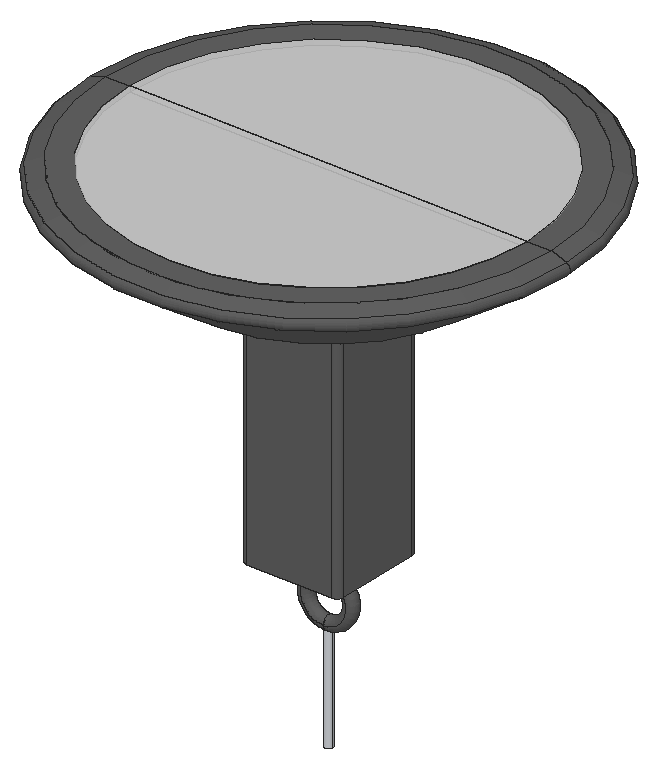
Revit family "0043898", category Lighting Fixtures, host Face, Revit 2016
Family settings
  Host = Face
  Part Type = Normal
  Round Connector Dimension = Use Diameter
  OmniClass Number = 23.80.70.00
  OmniClass Title = Lighting
  Cut with Voids When Loaded = No
  Light Source = Yes
  Shared = No
  Room Calculation Point = No
Parameters (values of type "0043898 ST Hghby HE IP66 1-10V 30000lm 840 MB")
  Weight = "kg"
  Wattage Comments = ""
  Wattage = 195 W
  WarrantyStartDate [instance] = "n/a"
  WarrantyGuarantorParts = "n/a"
  WarrantyDurationUnit = "n/a"
  WarrantyDurationParts = "n/a"
  WarrantyDescription = "n/a"
  built-in parameter 1150110 = 1 (stored number, unit not read)
  Voltage = 230 V
  URL = "http://www.sylvania-lighting.com"
  TypeName = "START  Highbay HE IP66 1-10V 30000lm 840 MB"
  Type Image = <None>
  Type Comments = "n/a"
  built-in parameter 1114217 = 1 (stored number, unit not read)
  Tilt Angle = -90.00°
  built-in parameter 1150109 = 1 (stored number, unit not read)
  built-in parameter 1150134 = 12
  SuspensionHeight_SYL [instance] = 100 mm
  built-in parameter 1150113 = 1 (stored number, unit not read)
  SerialNumber [instance] = "n/a"
  Photometric Web File = "0043898.ies"
  Material_3_SYL = none
  PowerFactor = 0.95
  PowerConsumption = "195 W"
  NominalLength = 365 mm
  NominalHeight = 360 mm
  NominalDepth = 365 mm
  Name = "START  Highbay HE IP66 1-10V 30000lm 840 MB"
  ModelReference = Name  # "START  Highbay HE IP66 1-10V 30000lm 840 MB"
  ModelNumber = "0043898"
  Model = Name  # "START  Highbay HE IP66 1-10V 30000lm 840 MB"
  Material = "adc12 housing"
  ManufacturerName = "Feilo Sylvania"
  Manufacturer = "Feilo Sylvania"
  LuminousEfficacy = "155 lm/W"
  built-in parameter 1150105 = 34183.6 (stored number, unit not read)
  Lumens = 30225 lm
  LuminaireType = ""
  built-in parameter 1150115 = 1 (stored number, unit not read)
  LightOutputRatio = "n/a"
  built-in parameter 1150137 = (empty or 0)
  built-in parameter 1150139 = (empty or 0)
  LampsType = Lamp  # "LED"
  LampNominalLuminous = "30200 lm"
  LampMacAdamStep = "n/a"
  LampColourTemperature = "4000 K"
  LampColourRenderingIndex = "80"
  built-in parameter 1150112 = 1 (stored number, unit not read)
  built-in parameter 1150114 = 1 (stored number, unit not read)
  Lamp = "LED"
  Keynote = "16500"
  InstallationDate [instance] = "n/a"
  InputVoltage = "n/a"
  InputNominalFrequency = "n/a"
  built-in parameter 1150132 = (empty or 0)
  built-in parameter 1150102 = (empty or 0)
  built-in parameter 1150107 = 4000 (stored number, unit not read)
  built-in parameter 1150138 = (empty or 0)
  IngressProtection = "n/a"
  ImpactProtectionIndex = "n/a"
  built-in parameter 1150106 = 341.84 (stored number, unit not read)
  IfcExportType = "IfcLightFixtureType"
  IfcExportAs = "IfcLightFixtureType"
  Emit from Circle Diameter = 298 mm
  Emit Shape Visible in Rendering = no
  ElectricShockClassification = "Class I"
  built-in parameter 1150104 = 14.4 (stored number, unit not read)
  DocumentationLiterature = "http://www.sylvania-lighting.com/product/en-int/products/0043898"
  DimmingControlOptions = "n/a"
  Material_2_SYL = Lens-Sylvania-START+Highbay
  Dimming Lamp Color Temperature Shift = <None>
  Description = ""
  Default Elevation = 1219.2 mm
  CreatedOn = "3/4/2019"
  CreatedBy = "@sylvania-lighting.com"
  Cost = 0
  Color Filter = 16777215
  built-in parameter 1114216 [instance] = (empty or 0)
  ClassificationValue = "EF_70_80"
  ClassificationName = "Uniclass2015"
  Material_1_SYL = Body-Sylvania-START+Highbay
  BarCode [instance] = "n/a"
  built-in parameter 1114218 = 1 (stored number, unit not read)
  built-in parameter 1150133 = 10 (stored number, unit not read)
  AssetType = "Fixed"
  AssetIdentifier [instance] = "n/a"
  Assembly Code = "D5020200"
  Apparent Load = 195 VA
  Material_4_SYL = none
Reference planes
  plane 1 "Center (Front/Back)": y = 0
  plane 2: z = 0
  plane 3 "Center (Left/Right)": x = 0
  plane 4: x = 182.5
  plane 5: x = -182.5
  plane 6: z = 100
  plane 7: z = 391
  plane 8: x = -167
  plane 9: z = 387
  plane 10: z = 378.6
  plane 11: z = 325.3
  plane 12: x = -178.7
  plane 13: x = 102
  plane 14: x = -102
  plane 15: x = 204
  plane 16: z = 126.8
  plane 17: x = -36.8
  plane 18: x = 36.8
  plane 19: y = 36.8
  plane 20: y = -36.8
  plane 21: x = -9
  plane 22: x = 9
  plane 23: z = 117.8
  plane 24: z = 112
  plane 25: z = 117
  plane 26: x = -149
  plane 27: x = -3
  plane 28: z = 84
Forms (mm)
  Revolve 1, solid, material "Body-Sylvania-START+Highbay" <- "Material_1_SYL"
    sketch origin (0, 0, 0) x (1, 0, 0) y (0, 0, 1)
      loop
        line (-149, 391) -> (-167, 391) -> (-178.7, 387)
        arc (-178.7, 387) -> (-180.896, 382.8) -> (-178.7, 378.6) r 5.115
        line (-178.7, 378.6) -> (-117.439, 336.029)
        arc (-117.439, 336.029) -> (-101.14, 328.045) -> (-83.199, 325.3) r 60
        line (-83.199, 325.3) -> (0, 325.3) -> (0, 387) -> (-149, 387) -> (-149, 391)
      axis (0, 391) -> (0, 325.3)
    angle from 360 to 0
  Extrusion 2, solid, material "Body-Sylvania-START+Highbay" <- "Material_1_SYL"
    sketch origin (1223.4, -4572, 325.3) x (0, -1, 0) y (-1, 0, 0)
      loop
        line (-4608.8, 1255.2) -> (-4608.8, 1191.6)
        arc (-4608.8, 1191.6) -> (-4607.336, 1188.064) -> (-4603.8, 1186.6) r 5
        line (-4603.8, 1186.6) -> (-4540.2, 1186.6)
        arc (-4540.2, 1186.6) -> (-4536.664, 1188.064) -> (-4535.2, 1191.6) r 5
        line (-4535.2, 1191.6) -> (-4535.2, 1255.2)
        arc (-4535.2, 1255.2) -> (-4536.664, 1258.736) -> (-4540.2, 1260.2) r 5
        line (-4540.2, 1260.2) -> (-4603.8, 1260.2)
        arc (-4603.8, 1260.2) -> (-4607.336, 1258.736) -> (-4608.8, 1255.2) r 5
    from 0 to 198.5
  Revolve 3, solid, material "Body-Sylvania-START+Highbay" <- "Material_1_SYL"
    sketch origin (0, 0, 0) x (1, 0, 0) y (0, 0, 1)
      loop
        line (0, 126.8) -> (-9, 126.8) -> (-9, 117.8) -> (0, 117.8) -> (0, 126.8)
      axis (0, 126.8) -> (0, 117.8)
    angle from 360 to 0
  Revolve 4, solid, material "Body-Sylvania-START+Highbay" <- "Material_1_SYL"
    sketch origin (0, 0, 0) x (0, 1, 0) y (0, 0, 1)
      loop
        circle (0, 117) r 5
      axis (5, 100) -> (-5, 100)
    angle from 360 to 0
  Revolve 5, solid, material "Lens-Sylvania-START+Highbay" <- "Material_2_SYL"
    sketch origin (0, 0, 0) x (1, 0, 0) y (0, 0, 1)
      loop
        line (-149, 391) -> (-149, 387) -> (0, 387) -> (0, 391) -> (-149, 391)
      axis (0, 391) -> (0, 387)
    angle from 360 to 0
  Revolve 6, solid
    sketch origin (0, 0, 0) x (1, 0, 0) y (0, 0, 1)
      loop
        line (0, 84) -> (-3, 84) -> (-3, 0) -> (0, 0) -> (0, 84)
      axis (0, 84) -> (0, 0)
    angle from 360 to 0
Cuts and joins
  joined: Revolve 3, Revolve 4
Lines and regions (mm)
  reference lines
    curve 1: circle (0, 0, 100) r 12 normal (0, -1, 0)
    curve 2: line (-167, 0, 391) -> (-178.7, 0, 387)
    curve 3: line (-102, 0, 325.3) -> (-178.7, 0, 378.6)
    curve 4: arc (-178.7, 0, 387) -> (-180.896, 0, 382.8) -> (-178.7, 0, 378.6) r 5.115
    curve 5: circle (0, 0, 117) r 5 normal (1, 0, 0)
Dimensions and locks
  "SuspensionHeight_SYL": plane 6 to host face
  locked: plane 7 to plane 6 at 291
  locked: plane 3 "Center (Left/Right)" to plane 8 at 167
  locked: plane 3 "Center (Left/Right)" to plane 5 at 182.5
  locked: plane 3 "Center (Left/Right)" to plane 12 at 178.7
  locked: plane 3 "Center (Left/Right)" to plane 14 at 102
  plane 7 to plane 9 to plane 10 to plane 11 to plane 16 = 4 mm locked, 8.4 mm locked, 53.3 mm locked, 198.5 mm locked
  equal spacing: plane 18, plane 3 "Center (Left/Right)", plane 17
  locked: plane 18 to plane 17 at 73.6
  equal spacing: plane 20, plane 1 "Center (Front/Back)", plane 19
  locked: plane 20 to plane 19 at 73.6
  equal spacing: plane 22, plane 3 "Center (Left/Right)", plane 21
  locked: plane 16 to plane 23 at 9
  locked: plane 6 to plane 24 at 12
  locked: plane 24 to plane 25 at 5
  locked: plane 3 "Center (Left/Right)" to plane 21 at 9
  locked: plane 3 "Center (Left/Right)" to plane 27 at 3
  locked: plane 6 to plane 28 at 16
  aligned and locked: plane 2 to host face
  aligned and locked: level to host face
  aligned and locked: Revolve 1 sketch curve to plane 3 "Center (Left/Right)"
  aligned and locked: Revolve 1 sketch curve to plane 7
  aligned and locked: plane 8 to Revolve 1 sketch curve
  aligned and locked: Revolve 1 sketch curve to curve 2
  aligned and locked: Revolve 1 sketch curve to curve 4
  aligned and locked: Revolve 1 sketch curve to curve 3
  aligned and locked: plane 11 to Revolve 1 sketch curve
  aligned and locked: plane 3 "Center (Left/Right)" to Revolve 1 sketch curve
  aligned and locked: Extrusion 2 sketch curve to plane 19
  aligned and locked: Extrusion 2 sketch curve to plane 17
  aligned and locked: plane 20 to Extrusion 2 sketch curve
  aligned and locked: plane 18 to Extrusion 2 sketch curve
  aligned and locked: Extrusion 2 to plane 11
  aligned and locked: plane 16 to Extrusion 2
  aligned and locked: Revolve 3 sketch curve to plane 3 "Center (Left/Right)"
  aligned and locked: Revolve 3 sketch curve to Extrusion 2
  aligned and locked: plane 3 "Center (Left/Right)" to Revolve 3 sketch curve
  aligned and locked: plane 23 to Revolve 3 sketch curve
  aligned and locked: Revolve 3 sketch curve to plane 21
  aligned and locked: plane 1 "Center (Front/Back)" to curve 5
  aligned and locked: plane 25 to curve 5
  aligned and locked: Revolve 4 sketch curve to curve 5
  aligned and locked: Revolve 4 sketch curve to plane 6
  aligned and locked: Revolve 1 sketch curve to plane 26
  aligned and locked: plane 9 to Revolve 1 sketch curve
  aligned and locked: Revolve 5 sketch curve to plane 3 "Center (Left/Right)"  (x2)
  aligned and locked: Revolve 1 to Revolve 5 sketch curve  (x2)
  aligned and locked: Revolve 5 sketch curve to Revolve 1
  aligned and locked: Revolve 6 sketch curve to plane 3 "Center (Left/Right)"
  aligned and locked: plane 3 "Center (Left/Right)" to Revolve 6 sketch curve
  aligned and locked: Revolve 6 sketch curve to level
  aligned and locked: Revolve 6 sketch curve to plane 27
  aligned and locked: imposter light to plane 1 "Center (Front/Back)"
  aligned and locked: imposter light to plane 7
  aligned and locked: plane 3 "Center (Left/Right)" to imposter light
Automatic sketch dimensions
  host sketch curve to host sketch curve = 2438.4 mm  (x2)
  curve 3 to plane 10 = 0 mm
  curve 3 to plane 12 = 0 mm
  curve 2 to plane 9 = 0 mm
  curve 2 to plane 12 = 0 mm
  curve 2 to plane 7 = 0 mm
  curve 2 to plane 8 = 0 mm
  curve 3 to plane 11 = 0 mm
  curve 3 to plane 14 = 0 mm
  curve 1 to plane 3 "Center (Left/Right)" = 0 mm
  curve 1 to plane 6 = 0 mm
  plane 12 to curve 4 = 2.919 mm
  plane 19 to Extrusion 2 sketch curve = 5 mm  (x2)
  plane 1 "Center (Front/Back)" to Extrusion 2 sketch curve = 31.8 mm
  Extrusion 2 sketch curve to plane 20 = 5 mm
  Revolve 3 sketch curve to level = 609.6 mm
  Revolve 3 sketch curve to plane 7 = 2308.058 mm
  plane 20 to Revolve 4 sketch curve = 2518.141 mm
  Revolve 4 sketch curve to plane 19 = 2060.609 mm
  Revolve 1 sketch curve to plane 10 = 0 mm
  Revolve 1 sketch curve to plane 11 = 10.729 mm
  plane 9 to Revolve 1 sketch curve = 1.7 mm
  Revolve 1 sketch curve to level = 609.6 mm
  Revolve 1 sketch curve to plane 7 = 2308.058 mm
  Revolve 5 sketch curve to level = 609.6 mm
  Revolve 5 sketch curve to Revolve 5 sketch curve = 2308.058 mm
  Revolve 6 sketch curve to plane 28 = 0 mm
  Revolve 6 sketch curve to level = 609.6 mm
  Revolve 6 sketch curve to plane 7 = 1818.058 mm
  radius of curve 1 = 12 mm
  radius of curve 5 = 5 mm
Connectors
  electrical at (0, 0, 325.3), driven by "Voltage", driven by "Apparent Load", driven by "PowerFactor"
    settings: on Extrusion 2, index 1, voltage 230 V, apparent load 0 VA, apparent load phase1 195 VA, apparent load phase2 0 VA, apparent load phase3 0 VA, power factor 0.95, load classification "Other", number of poles 1, system type 31, power factor state 1, is connector primary yes, connector utility no, sub classification motor no, connector description ""
